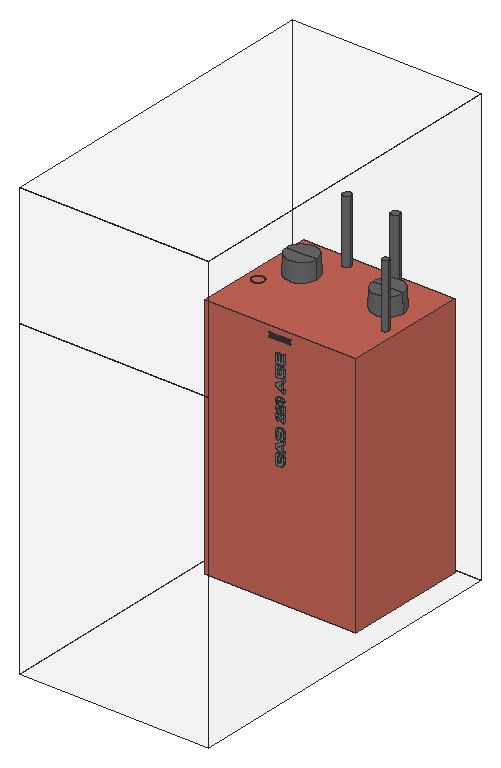
Revit family "Gas Ace 220_160_LOD-3", category Mechanical Equipment, Revit 2015
Parameters (values of type "160")
  Weekly = "0"
  Water Treatment Required = yes
  Water Content = 17.0 L
  Warranty ID = ""
  Voltage = 230 V
  Uniclass2015 = "Pr_60_60_08"
  URL = ""
  Type = "Space heating"
  Turndown Ratio = "4.7"
  Supply Phase = 1
  Starting Current = 0 A
  Sound Pressure Level = "58.7 dBA"
  Shipping Weight = 235.00 kg
  Shape = "Rectangular (Vertical)"
  Safety Valve Connection Type = "Unset"
  Safety Valve Connection Size = 0.00 mm
  Responsible Sourcing of Materials = "N/A"
  Responsible Extraction of Materials = "N/A"
  Reference Standard = "GAD 2009/142/EC BED 92/42/EEC EMC 2014/30/EU LVD 2014/35/EU ErP 2009/125/EC"
  Rated Output = 152100 W
  Rated Criteria = "80/60"
  Quarterly = "0"
  Product Range = "Gas 220 - 160"
  Product Model Number = "Not Available"
  Product Literature = "https://www.remeha.co.uk/-/media/Themes/RemehaUK/Documents/Current/Specification-guides/gas-220-ace-specification-guide.pdf"
  Primary Fuel = "Gas - NG"
  Overall Width = 800.00 mm
  Overall Length = 657.00 mm
  Overall Height = 1662.00 mm
  Optional Fuel = "Gas - LPG"
  Operation and Maintenance Manual = "https://www.remeha.co.uk/en/Products/Floor-Standing-Range/Gas-220-Ace"
  Oil Consumption rate = 0
  Nominal Oil Inlet Pressure = 0.00000 bar
  Nominal Gas Inlet Pressure = 0.02000 bar
  NOx Emissions = "36 mg/kWh"
  Mounting = "Floor Standing"
  Monthly = "0"
  Model = ""
  Minimum Power Consumption = 5.3 W
  Minimum Operating Pressure = 0.80000 bar
  Minimum Oil Inlet Pressure = 0.00000 bar
  Minimum Gas Inlet Pressure = 0.01700 bar
  Minimum Flow Rate at 20C temperature differential = 1.82 L/s
  Minimum Flow Rate at 11C temperature differential = 0.0 L/s
  Maximum Power Consumption = 275 W
  Maximum Operating Pressure = 5.00000 bar
  Maximum Oil Inlet Pressure = 0.00000 bar
  Maximum Gas Inlet Pressure = 0.02500 bar
  Material Ingredient Reporting = "N/A"
  Manufacturer Website = "https://www.remeha.co.uk/"
  Manufacturer = "Remeha Commercial"
  Maintenance Required 8001 to 12000hrs = "0"
  Maintenance Required 601 to 1000hrs = "0"
  Maintenance Required 4001 to 8000hrs = "0"
  Maintenance Required 301 to 600hrs = "0"
  Maintenance Required 2001 to 4000hrs = "0"
  Maintenance Required 1001 to 2000hrs = "0"
  Maintenance Required 0 to 300hrs = "0"
  Location of Manufacturer = "N/A"
  Life Cycle Analysis = "N/A"
  Interlocks = yes
  IfcExportType = "NOTDEFINED"  # constant formula
  IfcExportAs = "IfcBoilerType"  # constant formula
  IP Rating = "IPX1B"
  IK Rating = "0"
  Hydraulic Resistance at 20C temperature differential = 0.19000 bar
  Hydraulic Resistance at 11C temperature differential = 0.00000 bar
  Heater Operation = "Condensing"
  Heat Exchanger Material = "Aluminium"
  Gross Weight = 222.00 kg
  Green Guide for Specification = "N/A"
  Gas Consumption rate = "16.5 m3/h"
  Fuse Rating = 6.3 A
  Full Load Current = 0 A
  Fuel Connection Type = "Threaded"
  Fuel Connection Size = 25.40 mm
  Frequency = 50 Hz
  Flue or Air Intake Classification = "B23p, B33, C33, C43, C53, C63, C83, C89"
  Flue Connection size = 150.00 mm
  Flow and Return Connection Type = "Threaded"
  Flow and Return Connection Size = 31.75 mm
  Finish = "High Polish Gardner 60 GRAD 91EH"
  Features = "Remeha's Gas 220 Ace  is a compact high efficiency floor standing condensing boiler. The compact design make this boiler ideally suited to modular arrangements"
  External Material = "Steel"
  Expected Life = "15"
  ErP Seasonal Efficiency = "0 %"
  ErP Rated Efficiency at Part Load = "97.8 %"
  ErP Rated Efficiency at Full Load = "87.8 %"
  ErP Energy Label = "0"
  Environmental Product Declaration = "N/A"
  Energy Technology List = "0"
  Embodied Carbon = "N/A"
  Drain Connection Type = "Unset"
  Drain Connection Size = 19.05 mm
  Description = ""
  Daily = "0"
  Control Type = "0 - 10V, Open Therm, Volt free enable, Direct boiler weather compensating control systems available from Remeha as optional extra's."
  Configuration = "Single boiler"
  Condensate Drain Type = "Plain"
  Condensate Drain Size = 40.00 mm
  Colour = "RAL 2002 Red RAL7016 Dark Grey"
  Clearance Box Visibility [instance] = yes
  Classification.Uniclass.Pr.Number [instance] = "Pr_60_60_08_34"
  Classification.Uniclass.Pr.Description [instance] = "Gas fired Condensing Boilers"
  CE Mark = "0063CQ3781"
  Burner Control Type = "Modulating"
  Building Regulations Seasonal Efficiency = "95.9 %"
  Bespoke Timeframe = "0"
  BMS Links = yes
  Annually = "0"
  Air Inlet Connection Size = 150.00 mm
  Additional Technical Details = "https://www.remeha.co.uk/-/media/Themes/RemehaUK/Documents/Current/Technical-sheets/gas-220-ace-160-300-kw-technical-sheet.pdf"
  Access Clearance Top = 650.00 mm
  Access Clearance Right = 100.00 mm
  Access Clearance Rear = 50.00 mm
  Access Clearance Left = 100.00 mm
  Access Clearance Front = 1100.00 mm
  Access Clearance Bottom = 0.00 mm
  6 Monthly = "0"
Reference planes
  plane 1 "Center (Front/Back)": y = 0
  plane 2: z = 0
  plane 3 "Center (Left/Right)": x = 0
  plane 4: y = -657
  plane 5: x = -400
  plane 6: x = 400
  plane 7: z = 1329
  plane 8: z = 1662
  plane 9: z = 29
  plane 10: y = -231
  plane 11: y = -383
  plane 12: x = 229
  plane 13: x = -229
  plane 14: y = -306.3
  plane 15: y = -306.3
  plane 16: x = 338
  plane 17: x = 128
  plane 18: x = -128
  plane 19: x = -338
  plane 20: y = -56
  plane 21: z = 1637
  plane 22: z = 1330
  plane 23: z = 1582.574
  plane 24: y = -419.302
  plane 25: x = -246.5
  plane 26: x = 246.5
  plane 27: x = -216.5
  plane 28: x = 216.5
  plane 29: x = -247.5
  plane 30: x = -154
  plane 31: x = 154
  plane 32: x = -309.433
  plane 33: z = 84
  plane 34 "Drain": x = -280
  plane 35: y = 50
Forms (mm)
  Extrusion 1, solid, material "Color RGB 190-040-018"
    sketch origin (0, 0, 0) x (1, 0, 0) y (0, 0, 1)
      loop
        line (-400, 1329) -> (-400, 29) -> (400, 29) -> (400, 1329) -> (-400, 1329)
    from 0 to 657
  Extrusion 2, solid, material "Color RGB 080-080-080"
    sketch origin (101.764, 0, 0) x (1, 0, 0) y (0, 0, 1)
      loop
        arc (-93.982, 684.046) -> (-85.29, 687.232) -> (-80.717, 695.281) r 13.448
        line (-80.717, 695.281) -> (-80.115, 698.888) -> (-80, 702.988) -> (-80, 728.206)
        arc (-80, 728.206) -> (-83.13, 735.762) -> (-90.686, 738.892) r 10.686
        line (-90.686, 738.892) -> (-94.011, 738.892) -> (-104.813, 738.892) -> (-104.813, 709.936) -> (-96.035, 709.936) -> (-96.035, 725.984)
        arc (-96.035, 725.984) -> (-91.935, 724.658) -> (-90.181, 720.722) r 5.292
        line (-90.181, 720.722) -> (-90.181, 703.318)
        arc (-90.181, 703.318) -> (-91.955, 699.033) -> (-96.24, 697.258) r 6.059
        line (-96.24, 697.258) -> (-107.064, 697.258)
        arc (-107.064, 697.258) -> (-111.348, 699.033) -> (-113.123, 703.318) r 6.059
        line (-113.123, 703.318) -> (-113.123, 723.353)
        arc (-113.123, 723.353) -> (-111.339, 725.862) -> (-108.384, 724.999) r 2.655
        line (-108.384, 724.999) -> (-108.384, 738.658) -> (-112.644, 738.658)
        arc (-112.644, 738.658) -> (-120.184, 735.535) -> (-123.308, 727.994) r 10.664
        line (-123.308, 727.994) -> (-123.308, 702.694) -> (-123.034, 696.854)
        arc (-123.034, 696.854) -> (-118.872, 687.729) -> (-109.561, 684) r 13.487
        line (-109.561, 684) -> (-93.982, 684.046)
      loop
        line (-80.468, 742.529) -> (-80.468, 756.952) -> (-87.959, 760.736) -> (-87.959, 786.898) -> (-80.467, 790.911) -> (-80.467, 805.276) -> (-122.84, 782.129) -> (-122.84, 765.321) -> (-80.468, 742.529)
      loop
        line (-97.087, 782.07) -> (-113.006, 773.698) -> (-97.087, 765.559) -> (-97.087, 782.07)
      loop
        line (-94.335, 821.996) -> (-94.335, 809.423)
        arc (-94.335, 809.423) -> (-90.484, 808.619) -> (-86.694, 809.672) r 8.335
        line (-86.694, 809.672) -> (-83.423, 811.497) -> (-81.369, 814.676) -> (-80.304, 819.321) -> (-79.999, 825.545) -> (-79.999, 841.184) -> (-80.285, 849.955)
        arc (-80.285, 849.955) -> (-93.422, 863.092) -> (-106.559, 849.955) r 13.137
        line (-106.559, 849.955) -> (-106.8, 837.459) -> (-106.813, 830.544) -> (-107.046, 825.766)
        arc (-107.046, 825.766) -> (-110.321, 822.155) -> (-113.824, 825.546) r 3.393
        line (-113.824, 825.546) -> (-113.824, 843.718)
        arc (-113.824, 843.718) -> (-112.498, 846.623) -> (-109.435, 847.527) r 3.848
        line (-109.435, 847.527) -> (-109.435, 860.166)
        arc (-109.435, 860.166) -> (-112.188, 860.623) -> (-114.94, 860.166) r 8.532
        line (-114.94, 860.166) -> (-118.403, 858.986) -> (-121.04, 856.31) -> (-122.718, 851.557) -> (-123.307, 844.149) -> (-123.307, 826.126) -> (-122.632, 818.108)
        arc (-122.632, 818.108) -> (-110.144, 808.063) -> (-97.656, 818.108) r 12.785
        line (-97.656, 818.108) -> (-96.97, 830.778) -> (-96.916, 839.051) -> (-96.652, 844.348)
        arc (-96.652, 844.348) -> (-93.065, 847.935) -> (-89.479, 844.348) r 3.587
        line (-89.479, 844.348) -> (-89.479, 827.579)
        arc (-89.479, 827.579) -> (-90.863, 823.879) -> (-94.335, 821.996) r 5.637
      loop
        line (-80.467, 894.562) -> (-80.467, 928.774) -> (-90.101, 928.774) -> (-90.101, 911.338) -> (-95.872, 918.465) -> (-102.827, 925.924)
        arc (-102.827, 925.924) -> (-113.845, 928.876) -> (-121.328, 920.268) r 10.762
        arc (-121.328, 920.268) -> (-121.467, 910.072) -> (-118.715, 900.253) r 35.665
        arc (-118.715, 900.253) -> (-117.686, 898.792) -> (-116.174, 897.837) r 4.57
        line (-116.174, 897.837) -> (-109.842, 895.405) -> (-109.842, 907.63)
        arc (-109.842, 907.63) -> (-114.48, 914.715) -> (-106.118, 916.051) r 5.045
        line (-106.118, 916.051) -> (-90.101, 898.262) -> (-80.467, 894.562)
      loop
        line (-109.842, 936.604) -> (-109.842, 948.83)
        arc (-109.842, 948.83) -> (-114.48, 955.915) -> (-106.118, 957.25) r 5.045
        line (-106.118, 957.25) -> (-90.101, 939.461) -> (-80.467, 935.761) -> (-80.467, 969.974) -> (-90.101, 969.974) -> (-90.101, 952.537) -> (-95.872, 959.664) -> (-102.827, 967.123)
        arc (-102.827, 967.123) -> (-113.845, 970.075) -> (-121.328, 961.467) r 10.762
        arc (-121.328, 961.467) -> (-121.467, 951.271) -> (-118.715, 941.452) r 35.665
        arc (-118.715, 941.452) -> (-117.686, 939.991) -> (-116.174, 939.036) r 4.57
        line (-116.174, 939.036) -> (-109.842, 936.604)
      loop
        spline (-123.206, 991.968) -> (-122.47, 987.662) -> (-120.312, 983.65) -> (-116.879, 980.204) -> (-112.404, 977.56) -> (-107.194, 975.898) -> (-101.602, 975.332) -> (-96.011, 975.898) -> (-90.8, 977.56) -> (-86.326, 980.204) -> (-82.892, 983.65) -> (-80.734, 987.662) -> (-79.998, 991.968)
        spline (-79.998, 991.968) -> (-80.734, 996.274) -> (-82.892, 1000.287) -> (-86.326, 1003.732) -> (-90.8, 1006.376) -> (-96.011, 1008.038) -> (-101.602, 1008.605) -> (-107.194, 1008.038) -> (-112.404, 1006.376) -> (-116.879, 1003.732) -> (-120.312, 1000.287) -> (-122.47, 996.274) -> (-123.206, 991.968)
      loop
        line (-122.84, 1057.204) -> (-80.468, 1034.412) -> (-80.468, 1048.836) -> (-87.959, 1052.619) -> (-87.959, 1078.781) -> (-80.467, 1082.794) -> (-80.467, 1097.159) -> (-122.84, 1074.012) -> (-122.84, 1057.204)
      loop
        line (-97.087, 1073.954) -> (-113.006, 1065.581) -> (-97.087, 1057.442) -> (-97.087, 1073.954)
      loop
        line (-90.88, 1138.913) -> (-90.88, 1121.46)
        arc (-90.88, 1121.46) -> (-92.655, 1117.175) -> (-96.939, 1115.401) r 6.059
        line (-96.939, 1115.401) -> (-106.36, 1115.401)
        arc (-106.36, 1115.401) -> (-110.645, 1117.175) -> (-112.419, 1121.46) r 6.059
        line (-112.419, 1121.46) -> (-112.419, 1138.573)
        arc (-112.419, 1138.573) -> (-110.945, 1142.131) -> (-107.387, 1143.605) r 5.032
        line (-107.387, 1143.605) -> (-107.387, 1156.379) -> (-111.187, 1156.379)
        arc (-111.187, 1156.379) -> (-119.756, 1152.83) -> (-123.306, 1144.261) r 12.118
        line (-123.306, 1144.261) -> (-123.306, 1114.265)
        arc (-123.306, 1114.265) -> (-119.757, 1105.696) -> (-111.187, 1102.146) r 12.118
        line (-111.187, 1102.146) -> (-92.116, 1102.146)
        arc (-92.116, 1102.146) -> (-83.547, 1105.696) -> (-79.998, 1114.265) r 12.118
        line (-79.998, 1114.265) -> (-79.998, 1144.92)
        arc (-79.998, 1144.92) -> (-83.547, 1153.489) -> (-92.116, 1157.038) r 12.118
        line (-92.116, 1157.038) -> (-96.735, 1157.038) -> (-96.735, 1144.26)
        arc (-96.735, 1144.26) -> (-92.629, 1142.878) -> (-90.88, 1138.913) r 5.369
      loop
        line (-80.466, 1168.716) -> (-80.466, 1215.523) -> (-90.646, 1215.523) -> (-90.647, 1181.624) -> (-97.313, 1181.624) -> (-97.313, 1213.022) -> (-106.214, 1213.022) -> (-106.214, 1181.624) -> (-113.004, 1181.624) -> (-113.004, 1214.617) -> (-122.838, 1214.617) -> (-122.838, 1168.716) -> (-80.466, 1168.716)
      loop
        spline (-115.232, 991.968) -> (-114.767, 990.266) -> (-113.406, 988.68) -> (-111.24, 987.318) -> (-108.417, 986.273) -> (-105.13, 985.616) -> (-101.602, 985.392) -> (-98.074, 985.616) -> (-94.787, 986.273) -> (-91.964, 987.318) -> (-89.798, 988.68) -> (-88.437, 990.266) -> (-87.972, 991.968)
        spline (-87.972, 991.968) -> (-88.437, 993.67) -> (-89.798, 995.257) -> (-91.964, 996.619) -> (-94.787, 997.664) -> (-98.074, 998.321) -> (-101.602, 998.545) -> (-105.13, 998.321) -> (-108.417, 997.664) -> (-111.24, 996.619) -> (-113.406, 995.257) -> (-114.767, 993.67) -> (-115.232, 991.968)
    from 657 to 662.984
  Extrusion 3, solid, material "Color RGB 045-045-045"
    sketch origin (0, 0, 0) x (1, 0, 0) y (0, 1, 0)
      loop
        circle (-128, -56) r 21.2
      loop
        circle (128, -56) r 21.2
    from 1329 to 1662
  Extrusion 4, solid, material "Color RGB 045-045-045"
    sketch origin (0, 0, 0) x (1, 0, 0) y (0, 1, 0)
      loop
        circle (338, -383) r 16.9
    from 1329 to 1662
  Revolve 5, solid, material "Color RGB 045-045-045"
    sketch origin (-859.279, -231, 1200) x (-1, 0, 0) y (0, 0, 1)
      loop
        line (-630.279, 224) -> (-709.758, 224) -> (-712.327, 129.328) -> (-630.279, 129.328) -> (-630.279, 224)
      axis (-630.279, 224) -> (-630.279, 129.328)
    angle from 0 to 360
  Extrusion 6, solid, material "Color RGB 045-045-045"
    sketch origin (0, 0, 0) x (1, 0, 0) y (0, 1, 0)
      loop
        circle (-338, -383) r 30.5
      loop
        circle (-338, -383) r 30.15
    from 1329 to 1330
  Revolve 7, solid, material "Color RGB 045-045-045"
    sketch origin (859.279, -231, 1200) x (1, 0, 0) y (0, 0, -1)
      loop
        line (-630.279, -224) -> (-630.279, -128.996) -> (-712.327, -128.996) -> (-709.758, -224) -> (-630.279, -224)
      axis (-630.279, -224) -> (-630.279, -128.996)
    angle from 0 to 360
  Extrusion 8, solid
    sketch origin (0, 0, 0) x (1, 0, 0) y (0, 0, 1)
      loop
        circle (-280, 84) r 10
    from 0 to 7.025
  Extrusion 9, solid, material "Glass - Clear - Amber", visible <- "Clearance Box Visibility"
    sketch origin (0, 0, 0) x (0, 1, 0) y (0, 0, 1)
      loop
        line (50, 2312) -> (-1757, 2312) -> (-1757, 1662) -> (-1757, 0) -> (50, 0) -> (50, 2312)
    from -500 to 500
  Extrusion 10, solid, material "Color RGB 235-235-235"
    sketch origin (-43.745, -9.272, 1275.744) x (1, 0, 0) y (0, -0.000437, 1)
      loop
        line (-15.915, 23.933) -> (-15.915, 21.574) -> (100.023, 21.574) -> (100.023, 23.933) -> (-15.915, 23.933)
      loop
        line (-15.915, 2.368) -> (-15.915, 0) -> (100.023, 0) -> (100.023, 2.368) -> (-15.915, 2.368)
      loop
        line (-7.55, 16.548) -> (-7.55, 7.385) -> (0.456, 7.385) -> (0.456, 16.548) -> (-7.55, 16.548)
      loop
        line (-10.633, 19.602) -> (-10.633, 4.34) -> (3.539, 4.34) -> (3.539, 10.445) -> (6.606, 10.445)
        arc (6.606, 10.445) -> (8.137, 9.954) -> (9.096, 8.664) r 2.632
        line (9.096, 8.664) -> (10.573, 4.34) -> (14.226, 4.331) -> (12.014, 9.646)
        arc (12.014, 9.646) -> (11.484, 10.708) -> (10.812, 11.686) r 8.599
        arc (10.812, 11.686) -> (13.696, 16.127) -> (9.7, 19.602) r 4.036
        line (9.7, 19.602) -> (-10.633, 19.602)
      loop
        line (3.539, 16.548) -> (3.539, 13.489) -> (8.986, 13.489)
        arc (8.986, 13.489) -> (10.516, 15.019) -> (8.986, 16.548) r 1.529
        line (8.986, 16.548) -> (3.539, 16.548)
      loop
        line (24.358, 15.212) -> (24.358, 4.335) -> (27.412, 4.335) -> (27.412, 9.994)
        arc (27.412, 9.994) -> (28.404, 12.196) -> (30.711, 12.913) r 2.94
        line (30.711, 12.913) -> (30.711, 15.47)
        arc (30.711, 15.47) -> (28.818, 15.212) -> (27.282, 14.076) r 3.85
        line (27.282, 14.076) -> (27.282, 15.212) -> (24.358, 15.212)
      loop
        arc (39.556, 11.064) -> (37.154, 12.927) -> (34.752, 11.064) r 2.48
        line (34.752, 11.064) -> (39.556, 11.064)
      loop
        line (34.639, 9.003) -> (42.683, 9.003)
        arc (42.683, 9.003) -> (37.246, 15.375) -> (31.809, 9.003) r 5.506
        arc (31.809, 9.003) -> (36.775, 4.075) -> (42.683, 7.823) r 5.609
        line (42.683, 7.823) -> (39.475, 7.823)
        arc (39.475, 7.823) -> (36.614, 6.602) -> (34.639, 9.003) r 2.594
      loop
        line (44.304, 4.337) -> (47.307, 4.337) -> (47.307, 10.965)
        arc (47.307, 10.965) -> (49.045, 12.703) -> (50.783, 10.965) r 1.738
        line (50.783, 10.965) -> (50.783, 4.324) -> (53.824, 4.324) -> (53.824, 10.85)
        arc (53.824, 10.85) -> (55.606, 12.632) -> (57.388, 10.85) r 1.782
        line (57.388, 10.85) -> (57.388, 4.324) -> (60.429, 4.324) -> (60.429, 11.851)
        arc (60.429, 11.851) -> (57.692, 15.455) -> (53.486, 13.787) r 3.741
        arc (53.486, 13.787) -> (50.43, 15.415) -> (47.177, 14.228) r 4.249
        line (47.177, 14.228) -> (47.177, 15.214) -> (44.304, 15.214) -> (44.304, 4.337)
      loop
        arc (69.683, 11.064) -> (67.281, 12.927) -> (64.88, 11.064) r 2.48
        line (64.88, 11.064) -> (69.683, 11.064)
      loop
        line (64.766, 9.003) -> (72.81, 9.003)
        arc (72.81, 9.003) -> (67.373, 15.375) -> (61.936, 9.003) r 5.506
        arc (61.936, 9.003) -> (66.902, 4.075) -> (72.81, 7.823) r 5.609
        line (72.81, 7.823) -> (69.602, 7.823)
        arc (69.602, 7.823) -> (66.742, 6.602) -> (64.766, 9.003) r 2.594
      loop
        line (74.422, 4.337) -> (77.462, 4.337) -> (77.462, 10.464)
        arc (77.462, 10.464) -> (79.208, 12.386) -> (81.287, 10.832) r 1.93
        line (81.287, 10.832) -> (81.287, 4.337) -> (84.328, 4.337) -> (84.328, 11.653)
        arc (84.328, 11.653) -> (81.802, 15.331) -> (77.462, 14.296) r 3.942
        line (77.462, 14.296) -> (77.462, 19.383) -> (74.422, 19.383) -> (74.422, 4.337)
      loop
        arc (95.784, 12.354) -> (95.16, 13.909) -> (93.822, 14.918) r 3.124
        arc (93.822, 14.918) -> (92.796, 15.2) -> (91.745, 15.359) r 9.034
        arc (91.745, 15.359) -> (90.692, 15.424) -> (89.639, 15.359) r 8.608
        arc (89.639, 15.359) -> (88.55, 15.088) -> (87.559, 14.561) r 4.613
        arc (87.559, 14.561) -> (87.064, 14.061) -> (86.663, 13.482) r 4.017
        arc (86.663, 13.482) -> (86.273, 12.61) -> (86.012, 11.691) r 6.705
        line (86.012, 11.691) -> (88.975, 11.7)
        arc (88.975, 11.7) -> (89.323, 12.453) -> (90.004, 12.927) r 1.58
        arc (90.004, 12.927) -> (90.999, 13.122) -> (92.008, 13.022) r 3.46
        arc (92.008, 13.022) -> (92.743, 12.024) -> (91.907, 11.11) r 0.975
        line (91.907, 11.11) -> (89.009, 10.699)
        arc (89.009, 10.699) -> (86.71, 9.449) -> (85.792, 6.999) r 3.742
        arc (85.792, 6.999) -> (86.094, 5.779) -> (86.932, 4.842) r 2.605
        arc (86.932, 4.842) -> (89.985, 4.17) -> (92.914, 5.26) r 5.532
        line (92.914, 5.26) -> (93.178, 4.346) -> (96.197, 4.346) -> (95.784, 6.47) -> (95.784, 12.354)
      loop
        line (92.845, 9.629) -> (89.315, 8.609)
        arc (89.315, 8.609) -> (88.866, 7.99) -> (88.785, 7.229) r 1.489
        arc (88.785, 7.229) -> (89.225, 6.447) -> (90.072, 6.149) r 1.274
        arc (90.072, 6.149) -> (90.865, 6.342) -> (91.638, 6.602) r 9.564
        arc (91.638, 6.602) -> (92.433, 7.212) -> (92.768, 8.157) r 1.764
        line (92.768, 8.157) -> (92.845, 9.629)
    from 644.727 to 648.528
Dimensions and locks
  equal spacing: plane 5, plane 3 "Center (Left/Right)", plane 6
  plane 4 to plane 1 "Center (Front/Back)" = 657.00 mm
  plane 5 to plane 6 = 800.00 mm
  plane 8 to level = 1662.00 mm  (x2)
  plane 9 to level = 29.00 mm
  locked: plane 10 to plane 1 "Center (Front/Back)" at 231
  locked: plane 11 to plane 1 "Center (Front/Back)" at 383
  locked: plane 12 to plane 6 at 171
  plane 13 to plane 12 = 458.00 mm
  plane 10 to plane 14 = 75.30 mm
  plane 10 to plane 15 = 75.30 mm
  locked: plane 6 to plane 16 at 62
  locked: plane 6 to plane 17 at 272
  locked: plane 6 to plane 18 at 528
  locked: plane 6 to plane 19 at 738
  plane 16 to plane 6 = 62.00 mm
  plane 17 to plane 6 = 272.00 mm
  plane 18 to plane 6 = 528.00 mm
  plane 19 to plane 6 = 738.00 mm
  locked: plane 20 to plane 1 "Center (Front/Back)" at 56
  locked: plane 8 to plane 21 at 25
  locked: plane 22 to plane 7 at 1
  plane 8 to plane 22 = 332.00 mm
  locked: plane 27 to plane 25 at 30
  locked: plane 26 to plane 28 at 30
  plane 30 to plane 13 = 75.00 mm
  locked: Revolve 5 sketch curve to plane 30 at 4.479
  locked: Revolve 7 sketch curve to plane 31 at 4.479
  plane 12 to plane 31 = 75.00 mm
  plane 5 to plane 34 "Drain" = 120.00 mm
  radius of Extrusion 3 sketch curve = 21.20 mm  (x2)
  radius of Extrusion 4 sketch curve = 16.90 mm
  radius of Extrusion 8 sketch curve = 10.00 mm
  aligned and locked: level to plane 2
  aligned and locked: Extrusion 1 sketch curve to plane 7
  aligned and locked: plane 5 to Extrusion 1 sketch curve
  aligned and locked: Extrusion 1 sketch curve to plane 6
  aligned and locked: plane 9 to Extrusion 1 sketch curve
  aligned and locked: plane 8 to Extrusion 3
  aligned and locked: plane 16 to Extrusion 4 sketch curve
  aligned and locked: plane 11 to Extrusion 4 sketch curve
  aligned and locked: plane 8 to Extrusion 4
  aligned and locked: Extrusion 6 to plane 22
  aligned and locked: Extrusion 6 to plane 7
Automatic sketch dimensions
  plane 18 to Extrusion 2 sketch curve = 106.456 mm  (x3)
  plane 18 to Extrusion 2 sketch curve = 106.458 mm  (x2)
  plane 18 to Extrusion 2 sketch curve = 106.73 mm
  plane 18 to Extrusion 2 sketch curve = 106.924 mm  (x2)
  plane 18 to Extrusion 2 sketch curve = 106.925 mm  (x2)
  plane 18 to Extrusion 2 sketch curve = 107.045 mm
  plane 18 to Extrusion 2 sketch curve = 107.132 mm
  Extrusion 2 sketch curve to Extrusion 2 sketch curve = 1.679 mm
  Extrusion 2 sketch curve to Extrusion 2 sketch curve = 2.637 mm
  plane 18 to Extrusion 2 sketch curve = 113.589 mm  (x2)
  Extrusion 2 sketch curve to Extrusion 2 sketch curve = 3.463 mm
  Extrusion 2 sketch curve to Extrusion 2 sketch curve = 1.638 mm  (x2)
  Extrusion 2 sketch curve to Extrusion 2 sketch curve = 9.483 mm
  Extrusion 2 sketch curve to Extrusion 2 sketch curve = 10.185 mm  (x2)
  Extrusion 2 sketch curve to Extrusion 2 sketch curve = 9.834 mm  (x2)
  plane 18 to Extrusion 2 sketch curve = 116.759 mm
  Extrusion 2 sketch curve to Extrusion 2 sketch curve = 0.479 mm
  Extrusion 2 sketch curve to Extrusion 2 sketch curve = 0.00 mm  (x30)
  Extrusion 2 sketch curve to Extrusion 2 sketch curve = 10.887 mm
  Extrusion 2 sketch curve to Extrusion 2 sketch curve = 10.886 mm
  Extrusion 2 sketch curve to Extrusion 2 sketch curve = 2.753 mm
  plane 18 to Extrusion 2 sketch curve = 118.576 mm
  Extrusion 2 sketch curve to Extrusion 2 sketch curve = 1.232 mm  (x2)
  Extrusion 2 sketch curve to Extrusion 2 sketch curve = 3.838 mm  (x2)
  Extrusion 2 sketch curve to Extrusion 2 sketch curve = 2.655 mm
  Extrusion 2 sketch curve to Extrusion 2 sketch curve = 3.393 mm
  Extrusion 2 sketch curve to Extrusion 2 sketch curve = 0.288 mm
  Extrusion 2 sketch curve to Extrusion 2 sketch curve = 3.848 mm
  Extrusion 2 sketch curve to Extrusion 2 sketch curve = 0.831 mm  (x2)
  Extrusion 2 sketch curve to Extrusion 2 sketch curve = 0.025 mm
  Extrusion 2 sketch curve to Extrusion 2 sketch curve = 6.332 mm
  plane 18 to Extrusion 2 sketch curve = 120.202 mm
  Extrusion 2 sketch curve to Extrusion 2 sketch curve = 3.562 mm
  Extrusion 2 sketch curve to Extrusion 2 sketch curve = 5.505 mm
  Extrusion 2 sketch curve to Extrusion 2 sketch curve = 2.084 mm
  Extrusion 2 sketch curve to Extrusion 2 sketch curve = 4.26 mm
  Extrusion 2 sketch curve to Extrusion 2 sketch curve = 5.032 mm
  Extrusion 2 sketch curve to Extrusion 2 sketch curve = 3.80 mm  (x2)
  Extrusion 2 sketch curve to Extrusion 2 sketch curve = 2.497 mm
  Extrusion 2 sketch curve to Extrusion 2 sketch curve = 6.059 mm  (x4)
  Extrusion 2 sketch curve to Extrusion 2 sketch curve = 3.385 mm
  Extrusion 2 sketch curve to Extrusion 2 sketch curve = 0.233 mm
  Extrusion 2 sketch curve to Extrusion 2 sketch curve = 0.013 mm
  Extrusion 2 sketch curve to Extrusion 2 sketch curve = 2.876 mm
  Extrusion 2 sketch curve to Extrusion 2 sketch curve = 4.827 mm  (x3)
  Extrusion 2 sketch curve to Extrusion 2 sketch curve = 6.79 mm
  Extrusion 2 sketch curve to Extrusion 2 sketch curve = 3.749 mm  (x2)
  Extrusion 2 sketch curve to Extrusion 2 sketch curve = 2.251 mm
  Extrusion 2 sketch curve to Extrusion 2 sketch curve = 3.571 mm
  Extrusion 2 sketch curve to Extrusion 2 sketch curve = 3.291 mm  (x2)
  Extrusion 2 sketch curve to Extrusion 2 sketch curve = 9.39 mm
  Extrusion 2 sketch curve to Extrusion 2 sketch curve = 8.901 mm
  Extrusion 2 sketch curve to Extrusion 2 sketch curve = 15.918 mm  (x2)
  Extrusion 2 sketch curve to Extrusion 2 sketch curve = 9.843 mm
  Extrusion 2 sketch curve to Extrusion 2 sketch curve = 9.421 mm
  Extrusion 2 sketch curve to Extrusion 2 sketch curve = 0.054 mm
  Extrusion 2 sketch curve to Extrusion 2 sketch curve = 10.652 mm  (x2)
  Extrusion 2 sketch curve to Extrusion 2 sketch curve = 0.265 mm
  Extrusion 2 sketch curve to Extrusion 2 sketch curve = 0.486 mm
  Extrusion 2 sketch curve to Extrusion 2 sketch curve = 10.824 mm
  Extrusion 2 sketch curve to Extrusion 2 sketch curve = 0.205 mm
  Extrusion 2 sketch curve to Extrusion 2 sketch curve = 6.955 mm  (x2)
  Extrusion 2 sketch curve to Extrusion 2 sketch curve = 0.563 mm
  Extrusion 2 sketch curve to Extrusion 2 sketch curve = 1.854 mm
  Extrusion 2 sketch curve to Extrusion 2 sketch curve = 3.321 mm  (x2)
  Extrusion 2 sketch curve to Extrusion 2 sketch curve = 10.802 mm
  Extrusion 2 sketch curve to Extrusion 2 sketch curve = 2.258 mm  (x2)
  Extrusion 2 sketch curve to Extrusion 2 sketch curve = 3.229 mm
  Extrusion 2 sketch curve to Extrusion 2 sketch curve = 3.587 mm
  Extrusion 2 sketch curve to Extrusion 2 sketch curve = 4.823 mm  (x4)
  Extrusion 2 sketch curve to Extrusion 2 sketch curve = 4.618 mm  (x2)
  Extrusion 2 sketch curve to Extrusion 2 sketch curve = 5.369 mm
  Extrusion 2 sketch curve to Extrusion 2 sketch curve = 3.579 mm
  Extrusion 2 sketch curve to Extrusion 2 sketch curve = 5.349 mm
  Extrusion 2 sketch curve to Extrusion 2 sketch curve = 3.325 mm
  Extrusion 2 sketch curve to Extrusion 2 sketch curve = 6.667 mm
  Extrusion 2 sketch curve to Extrusion 2 sketch curve = 5.292 mm
  Extrusion 2 sketch curve to Extrusion 2 sketch curve = 5.771 mm  (x2)
  Extrusion 2 sketch curve to Extrusion 2 sketch curve = 5.637 mm
  Extrusion 2 sketch curve to Extrusion 2 sketch curve = 9.128 mm  (x2)
  Extrusion 2 sketch curve to Extrusion 2 sketch curve = 7.642 mm
  Extrusion 2 sketch curve to Extrusion 2 sketch curve = 3.998 mm  (x2)
  Extrusion 2 sketch curve to Extrusion 2 sketch curve = 3.27 mm
  Extrusion 2 sketch curve to Extrusion 2 sketch curve = 2.054 mm
  Extrusion 2 sketch curve to Extrusion 2 sketch curve = 9.464 mm
  Extrusion 2 sketch curve to Extrusion 2 sketch curve = 10.218 mm
  Extrusion 2 sketch curve to Extrusion 2 sketch curve = 7.491 mm
  Extrusion 2 sketch curve to Extrusion 2 sketch curve = 7.492 mm  (x2)
  Extrusion 2 sketch curve to Extrusion 2 sketch curve = 9.634 mm
  Extrusion 2 sketch curve to Extrusion 2 sketch curve = 10.181 mm
  Extrusion 2 sketch curve to Extrusion 2 sketch curve = 1.065 mm
  Extrusion 2 sketch curve to Extrusion 2 sketch curve = 0.602 mm
  Extrusion 2 sketch curve to Extrusion 2 sketch curve = 0.115 mm
  Extrusion 2 sketch curve to Extrusion 2 sketch curve = 0.286 mm
  Extrusion 2 sketch curve to Extrusion 2 sketch curve = 12.118 mm
  Extrusion 2 sketch curve to plane 7 = 113.477 mm
  Extrusion 2 sketch curve to Extrusion 2 sketch curve = 0.906 mm
  Extrusion 2 sketch curve to Extrusion 2 sketch curve = 1.595 mm
  Extrusion 2 sketch curve to Extrusion 2 sketch curve = 31.398 mm
  Extrusion 2 sketch curve to Extrusion 2 sketch curve = 12.908 mm
  Extrusion 2 sketch curve to Extrusion 2 sketch curve = 11.678 mm
  Extrusion 2 sketch curve to Extrusion 2 sketch curve = 0.659 mm  (x2)
  Extrusion 2 sketch curve to Extrusion 2 sketch curve = 0.656 mm
  Extrusion 2 sketch curve to Extrusion 2 sketch curve = 17.113 mm
  Extrusion 2 sketch curve to Extrusion 2 sketch curve = 7.195 mm  (x2)
  Extrusion 2 sketch curve to Extrusion 2 sketch curve = 1.136 mm
  Extrusion 2 sketch curve to Extrusion 2 sketch curve = 4.987 mm
  Extrusion 2 sketch curve to Extrusion 2 sketch curve = 14.365 mm  (x2)
  Extrusion 2 sketch curve to Extrusion 2 sketch curve = 4.013 mm  (x2)
  Extrusion 2 sketch curve to Extrusion 2 sketch curve = 28.134 mm
  Extrusion 2 sketch curve to Extrusion 2 sketch curve = 8.431 mm  (x2)
  Extrusion 2 sketch curve to Extrusion 2 sketch curve = 16.511 mm  (x2)
  Extrusion 2 sketch curve to Extrusion 2 sketch curve = 8.377 mm  (x2)
  Extrusion 2 sketch curve to Extrusion 2 sketch curve = 3.783 mm  (x2)
  Extrusion 2 sketch curve to Extrusion 2 sketch curve = 14.423 mm  (x2)
  Extrusion 2 sketch curve to Extrusion 2 sketch curve = 64.439 mm
  Extrusion 2 sketch curve to Extrusion 2 sketch curve = 2.851 mm
  Extrusion 2 sketch curve to Extrusion 2 sketch curve = 7.34 mm  (x2)
  Extrusion 2 sketch curve to Extrusion 2 sketch curve = 7.459 mm  (x2)
  Extrusion 2 sketch curve to Extrusion 2 sketch curve = 2.533 mm  (x2)
  Extrusion 2 sketch curve to Extrusion 2 sketch curve = 3.777 mm  (x2)
  Extrusion 2 sketch curve to Extrusion 2 sketch curve = 3.376 mm  (x2)
  Extrusion 2 sketch curve to Extrusion 2 sketch curve = 3.35 mm  (x2)
  Extrusion 2 sketch curve to Extrusion 2 sketch curve = 5.527 mm  (x2)
  Extrusion 2 sketch curve to Extrusion 2 sketch curve = 13.077 mm  (x2)
  Extrusion 2 sketch curve to Extrusion 2 sketch curve = 4.266 mm  (x2)
  Extrusion 2 sketch curve to Extrusion 2 sketch curve = 2.432 mm  (x2)
  Extrusion 2 sketch curve to Extrusion 2 sketch curve = 3.70 mm  (x2)
  Extrusion 2 sketch curve to Extrusion 2 sketch curve = 10.686 mm
  Extrusion 2 sketch curve to Extrusion 2 sketch curve = 10.68 mm
  Extrusion 2 sketch curve to Extrusion 2 sketch curve = 35.239 mm
  Extrusion 2 sketch curve to Extrusion 2 sketch curve = 1.18 mm
  Extrusion 2 sketch curve to Extrusion 2 sketch curve = 2.676 mm
  Extrusion 2 sketch curve to Extrusion 2 sketch curve = 8.075 mm
  Extrusion 2 sketch curve to Extrusion 2 sketch curve = 4.752 mm
  Extrusion 2 sketch curve to Extrusion 2 sketch curve = 2.136 mm
  Extrusion 2 sketch curve to Extrusion 2 sketch curve = 2.427 mm
  Extrusion 2 sketch curve to Extrusion 2 sketch curve = 5.606 mm
  Extrusion 2 sketch curve to Extrusion 2 sketch curve = 7.408 mm
  Extrusion 2 sketch curve to Extrusion 2 sketch curve = 8.771 mm
  Extrusion 2 sketch curve to Extrusion 2 sketch curve = 5.297 mm
  Extrusion 2 sketch curve to Extrusion 2 sketch curve = 6.258 mm
  Extrusion 2 sketch curve to Extrusion 2 sketch curve = 8.273 mm
  Extrusion 2 sketch curve to Extrusion 2 sketch curve = 6.915 mm
  Extrusion 2 sketch curve to Extrusion 2 sketch curve = 3.199 mm
  Extrusion 2 sketch curve to Extrusion 2 sketch curve = 4.418 mm
  Extrusion 2 sketch curve to Extrusion 2 sketch curve = 4.778 mm
  Extrusion 2 sketch curve to Extrusion 2 sketch curve = 2.034 mm
  Extrusion 2 sketch curve to Extrusion 2 sketch curve = 4.697 mm
  Extrusion 2 sketch curve to Extrusion 2 sketch curve = 6.224 mm
  Extrusion 2 sketch curve to Extrusion 2 sketch curve = 8.018 mm
  Extrusion 2 sketch curve to Extrusion 2 sketch curve = 5.046 mm
  Extrusion 2 sketch curve to Extrusion 2 sketch curve = 4.645 mm
  Extrusion 2 sketch curve to Extrusion 2 sketch curve = 3.179 mm
  Extrusion 2 sketch curve to Extrusion 2 sketch curve = 1.825 mm
  Extrusion 2 sketch curve to Extrusion 2 sketch curve = 6.221 mm
  Extrusion 2 sketch curve to Extrusion 2 sketch curve = 4.769 mm
  Extrusion 2 sketch curve to Extrusion 2 sketch curve = 3.637 mm
  Extrusion 2 sketch curve to Extrusion 2 sketch curve = 0.234 mm
  Extrusion 2 sketch curve to Extrusion 2 sketch curve = 2.222 mm
  Extrusion 2 sketch curve to Extrusion 2 sketch curve = 2.995 mm
  Extrusion 2 sketch curve to Extrusion 2 sketch curve = 10.786 mm
  Extrusion 2 sketch curve to Extrusion 2 sketch curve = 6.619 mm  (x2)
  Extrusion 2 sketch curve to Extrusion 2 sketch curve = 0.33 mm
  Extrusion 2 sketch curve to Extrusion 2 sketch curve = 0.623 mm
  Extrusion 2 sketch curve to Extrusion 2 sketch curve = 4.10 mm
  Extrusion 2 sketch curve to Extrusion 2 sketch curve = 0.236 mm
  Extrusion 2 sketch curve to Extrusion 2 sketch curve = 0.229 mm
  Extrusion 2 sketch curve to Extrusion 2 sketch curve = 5.84 mm
  Extrusion 2 sketch curve to Extrusion 2 sketch curve = 3.608 mm
  plane 18 to Extrusion 2 sketch curve = 106.557 mm
  Extrusion 2 sketch curve to Extrusion 2 sketch curve = 7.974 mm
  Extrusion 2 sketch curve to Extrusion 2 sketch curve = 13.63 mm
  Extrusion 2 sketch curve to Extrusion 2 sketch curve = 24.845 mm
  Extrusion 2 sketch curve to Extrusion 2 sketch curve = 0.046 mm
  Extrusion 8 sketch curve to plane 33 = 0.00 mm
  Extrusion 8 sketch curve to plane 34 "Drain" = 0.00 mm
  Extrusion 6 sketch curve to Extrusion 6 sketch curve = 0.00 mm  (x2)
  Extrusion 6 sketch curve to plane 11 = 0.00 mm
  Extrusion 6 sketch curve to plane 19 = 0.00 mm
  Extrusion 3 sketch curve to plane 18 = 0.00 mm
  Extrusion 3 sketch curve to plane 17 = 0.00 mm
  Extrusion 3 sketch curve to plane 20 = 0.00 mm  (x2)
  Extrusion 9 sketch curve to plane 8 = 0.00 mm
  Extrusion 9 sketch curve to level = 0.00 mm
  Extrusion 9 sketch curve to plane 4 = 1100.00 mm
  Extrusion 9 sketch curve to plane 35 = 0.00 mm
  plane 8 to Extrusion 9 sketch curve = 650.00 mm
  Revolve 7 sketch curve to plane 12 = 0.00 mm  (x2)
  plane 22 to Revolve 7 sketch curve = 94.00 mm
  Revolve 7 sketch curve to plane 7 = 0.004 mm
  plane 8 to Revolve 7 sketch curve = 776.40 mm
  Revolve 7 sketch curve to level = 304.80 mm
  plane 31 to Revolve 7 sketch curve = 7.048 mm
  Revolve 5 sketch curve to plane 13 = 0.00 mm  (x2)
  plane 7 to Revolve 5 sketch curve = 0.328 mm
  Revolve 5 sketch curve to level = 304.80 mm
  plane 8 to Revolve 5 sketch curve = 776.40 mm
  plane 30 to Revolve 5 sketch curve = 7.048 mm
  plane 22 to Revolve 5 sketch curve = 94.00 mm
  Extrusion 10 sketch curve to plane 3 "Center (Left/Right)" = 59.66 mm
  Extrusion 10 sketch curve to Extrusion 10 sketch curve = 0.00 mm  (x10)
  Extrusion 10 sketch curve to Extrusion 10 sketch curve = 5.282 mm
  Extrusion 10 sketch curve to Extrusion 10 sketch curve = 3.083 mm  (x2)
  Extrusion 10 sketch curve to Extrusion 10 sketch curve = 8.006 mm
  Extrusion 10 sketch curve to Extrusion 10 sketch curve = 0.536 mm
  Extrusion 10 sketch curve to Extrusion 10 sketch curve = 2.531 mm
  Extrusion 10 sketch curve to Extrusion 10 sketch curve = 5.448 mm
  Extrusion 10 sketch curve to Extrusion 10 sketch curve = 2.49 mm
  Extrusion 10 sketch curve to Extrusion 10 sketch curve = 0.713 mm
  Extrusion 10 sketch curve to Extrusion 10 sketch curve = 1.477 mm
  Extrusion 10 sketch curve to Extrusion 10 sketch curve = 2.918 mm
  Extrusion 10 sketch curve to Extrusion 10 sketch curve = 3.653 mm
  Extrusion 10 sketch curve to Extrusion 10 sketch curve = 12.345 mm
  Extrusion 10 sketch curve to Extrusion 10 sketch curve = 2.924 mm
  Extrusion 10 sketch curve to Extrusion 10 sketch curve = 3.054 mm  (x2)
  Extrusion 10 sketch curve to Extrusion 10 sketch curve = 2.856 mm
  Extrusion 10 sketch curve to Extrusion 10 sketch curve = 0.085 mm
  Extrusion 10 sketch curve to Extrusion 10 sketch curve = 3.429 mm
  Extrusion 10 sketch curve to Extrusion 10 sketch curve = 4.286 mm
  Extrusion 10 sketch curve to Extrusion 10 sketch curve = 0.113 mm  (x2)
  Extrusion 10 sketch curve to Extrusion 10 sketch curve = 2.402 mm  (x2)
  Extrusion 10 sketch curve to Extrusion 10 sketch curve = 0.076 mm  (x2)
  Extrusion 10 sketch curve to Extrusion 10 sketch curve = 0.092 mm  (x2)
  Extrusion 10 sketch curve to Extrusion 10 sketch curve = 0.134 mm  (x2)
  Extrusion 10 sketch curve to Extrusion 10 sketch curve = 2.245 mm  (x2)
  Extrusion 10 sketch curve to plane 3 "Center (Left/Right)" = 1.062 mm  (x2)
  plane 3 "Center (Left/Right)" to Extrusion 10 sketch curve = 0.558 mm
  Extrusion 10 sketch curve to Extrusion 10 sketch curve = 2.873 mm
  Extrusion 10 sketch curve to Extrusion 10 sketch curve = 0.13 mm
  Extrusion 10 sketch curve to Extrusion 10 sketch curve = 1.738 mm
  Extrusion 10 sketch curve to Extrusion 10 sketch curve = 0.65 mm
  Extrusion 10 sketch curve to Extrusion 10 sketch curve = 3.04 mm  (x5)
  Extrusion 10 sketch curve to Extrusion 10 sketch curve = 1.782 mm
  Extrusion 10 sketch curve to Extrusion 10 sketch curve = 0.701 mm
  Extrusion 10 sketch curve to Extrusion 10 sketch curve = 4.337 mm
  Extrusion 10 sketch curve to Extrusion 10 sketch curve = 3.208 mm
  Extrusion 10 sketch curve to Extrusion 10 sketch curve = 4.739 mm
  Extrusion 10 sketch curve to Extrusion 10 sketch curve = 1.93 mm
  Extrusion 10 sketch curve to Extrusion 10 sketch curve = 0.994 mm
  Extrusion 10 sketch curve to Extrusion 10 sketch curve = 0.901 mm
  Extrusion 10 sketch curve to Extrusion 10 sketch curve = 1.684 mm
  Extrusion 10 sketch curve to Extrusion 10 sketch curve = 2.199 mm
  Extrusion 10 sketch curve to Extrusion 10 sketch curve = 4.069 mm
  Extrusion 10 sketch curve to Extrusion 10 sketch curve = 2.964 mm
  Extrusion 10 sketch curve to Extrusion 10 sketch curve = 0.033 mm  (x2)
  Extrusion 10 sketch curve to Extrusion 10 sketch curve = 0.918 mm
  Extrusion 10 sketch curve to Extrusion 10 sketch curve = 1.137 mm
  Extrusion 10 sketch curve to Extrusion 10 sketch curve = 0.284 mm
  Extrusion 10 sketch curve to Extrusion 10 sketch curve = 0.51 mm
  Extrusion 10 sketch curve to Extrusion 10 sketch curve = 1.179 mm
  Extrusion 10 sketch curve to Extrusion 10 sketch curve = 0.049 mm
  Extrusion 10 sketch curve to Extrusion 10 sketch curve = 0.212 mm  (x2)
  Extrusion 10 sketch curve to Extrusion 10 sketch curve = 0.379 mm
  Extrusion 10 sketch curve to Extrusion 10 sketch curve = 0.436 mm
  Extrusion 10 sketch curve to Extrusion 10 sketch curve = 0.226 mm
  Extrusion 10 sketch curve to Extrusion 10 sketch curve = 0.749 mm
  Extrusion 10 sketch curve to Extrusion 10 sketch curve = 0.157 mm
  Extrusion 10 sketch curve to Extrusion 10 sketch curve = 1.236 mm
  Extrusion 10 sketch curve to Extrusion 10 sketch curve = 0.137 mm
  Extrusion 10 sketch curve to Extrusion 10 sketch curve = 0.668 mm
  Extrusion 10 sketch curve to Extrusion 10 sketch curve = 0.909 mm
  Extrusion 10 sketch curve to Extrusion 10 sketch curve = 1.762 mm
  Extrusion 10 sketch curve to Extrusion 10 sketch curve = 0.271 mm
  Extrusion 10 sketch curve to Extrusion 10 sketch curve = 1.996 mm
  Extrusion 10 sketch curve to Extrusion 10 sketch curve = 0.264 mm
  Extrusion 10 sketch curve to Extrusion 10 sketch curve = 3.106 mm
  Extrusion 10 sketch curve to Extrusion 10 sketch curve = 0.412 mm
  Extrusion 10 sketch curve to Extrusion 10 sketch curve = 4.239 mm
  Extrusion 10 sketch curve to Extrusion 10 sketch curve = 3.826 mm
  Extrusion 10 sketch curve to Extrusion 10 sketch curve = 2.368 mm
  Extrusion 10 sketch curve to Extrusion 10 sketch curve = 1.956 mm
  Extrusion 10 sketch curve to Extrusion 10 sketch curve = 1.963 mm
  Extrusion 10 sketch curve to Extrusion 10 sketch curve = 0.004 mm
  Extrusion 10 sketch curve to Extrusion 10 sketch curve = 1.968 mm
  Extrusion 10 sketch curve to Extrusion 10 sketch curve = 0.013 mm
  Extrusion 10 sketch curve to Extrusion 10 sketch curve = 1.972 mm  (x2)
  Extrusion 10 sketch curve to Extrusion 10 sketch curve = 0.009 mm
  Extrusion 10 sketch curve to Extrusion 10 sketch curve = 1.977 mm
  Extrusion 10 sketch curve to Extrusion 10 sketch curve = 0.914 mm
  Extrusion 10 sketch curve to Extrusion 10 sketch curve = 2.002 mm
  Extrusion 10 sketch curve to Extrusion 10 sketch curve = 1.103 mm
  Extrusion 10 sketch curve to Extrusion 10 sketch curve = 2.125 mm
  Extrusion 10 sketch curve to Extrusion 10 sketch curve = 0.452 mm
  Extrusion 10 sketch curve to Extrusion 10 sketch curve = 0.179 mm
  Extrusion 10 sketch curve to Extrusion 10 sketch curve = 0.001 mm
  Extrusion 10 sketch curve to Extrusion 10 sketch curve = 1.043 mm
  Extrusion 10 sketch curve to Extrusion 10 sketch curve = 0.429 mm
  Extrusion 10 sketch curve to Extrusion 10 sketch curve = 1.471 mm
  Extrusion 10 sketch curve to Extrusion 10 sketch curve = 3.486 mm  (x2)
  Extrusion 10 sketch curve to Extrusion 10 sketch curve = 1.341 mm
  Extrusion 10 sketch curve to Extrusion 10 sketch curve = 0.793 mm
  Extrusion 10 sketch curve to Extrusion 10 sketch curve = 1.186 mm
  Extrusion 10 sketch curve to Extrusion 10 sketch curve = 0.851 mm
  Extrusion 10 sketch curve to Extrusion 10 sketch curve = 1.181 mm  (x2)
  Extrusion 10 sketch curve to Extrusion 10 sketch curve = 1.473 mm
  Extrusion 10 sketch curve to Extrusion 10 sketch curve = 0.982 mm
  Extrusion 10 sketch curve to Extrusion 10 sketch curve = 0.53 mm  (x2)
  Extrusion 10 sketch curve to Extrusion 10 sketch curve = 1.417 mm
  Extrusion 10 sketch curve to Extrusion 10 sketch curve = 1.08 mm
  Extrusion 10 sketch curve to Extrusion 10 sketch curve = 0.219 mm  (x2)
  Extrusion 10 sketch curve to Extrusion 10 sketch curve = 0.991 mm
  Extrusion 10 sketch curve to Extrusion 10 sketch curve = 0.687 mm
  Extrusion 10 sketch curve to Extrusion 10 sketch curve = 0.578 mm  (x2)
  Extrusion 10 sketch curve to Extrusion 10 sketch curve = 6.128 mm
  Extrusion 10 sketch curve to Extrusion 10 sketch curve = 1.01 mm
  Extrusion 10 sketch curve to Extrusion 10 sketch curve = 0.082 mm
  Extrusion 10 sketch curve to Extrusion 10 sketch curve = 1.846 mm
  Extrusion 10 sketch curve to Extrusion 10 sketch curve = 0.115 mm
  Extrusion 10 sketch curve to Extrusion 10 sketch curve = 2.061 mm
  Extrusion 10 sketch curve to Extrusion 10 sketch curve = 0.617 mm
  Extrusion 10 sketch curve to Extrusion 10 sketch curve = 0.794 mm
  Extrusion 10 sketch curve to Extrusion 10 sketch curve = 0.657 mm
  Extrusion 10 sketch curve to Extrusion 10 sketch curve = 0.058 mm
  Extrusion 10 sketch curve to Extrusion 10 sketch curve = 1.267 mm
  Extrusion 10 sketch curve to Extrusion 10 sketch curve = 0.821 mm
  Extrusion 10 sketch curve to Extrusion 10 sketch curve = 0.038 mm
  Extrusion 10 sketch curve to Extrusion 10 sketch curve = 1.001 mm  (x2)
  Extrusion 10 sketch curve to Extrusion 10 sketch curve = 0.90 mm
  Extrusion 10 sketch curve to Extrusion 10 sketch curve = 0.066 mm
  Extrusion 10 sketch curve to Extrusion 10 sketch curve = 0.344 mm
  Extrusion 10 sketch curve to Extrusion 10 sketch curve = 3.045 mm
  Extrusion 10 sketch curve to Extrusion 10 sketch curve = 1.163 mm
  Extrusion 10 sketch curve to Extrusion 10 sketch curve = 3.264 mm
  Extrusion 10 sketch curve to Extrusion 10 sketch curve = 1.529 mm
  Extrusion 10 sketch curve to Extrusion 10 sketch curve = 1.136 mm
  Extrusion 10 sketch curve to Extrusion 10 sketch curve = 0.985 mm
  Extrusion 10 sketch curve to Extrusion 10 sketch curve = 2.604 mm
  Extrusion 10 sketch curve to Extrusion 10 sketch curve = 0.547 mm
  Extrusion 10 sketch curve to Extrusion 10 sketch curve = 5.087 mm
  Extrusion 10 sketch curve to Extrusion 10 sketch curve = 2.359 mm
  Extrusion 10 sketch curve to Extrusion 10 sketch curve = 0.652 mm  (x2)
  Extrusion 10 sketch curve to Extrusion 10 sketch curve = 0.847 mm
  Extrusion 10 sketch curve to Extrusion 10 sketch curve = 2.106 mm
  radius of Extrusion 6 sketch curve = 30.50 mm
  radius of Extrusion 6 sketch curve = 30.15 mm
Connectors
  piping at (338, -383, 1662), diameter 25.4
    settings: on Extrusion 4, index 1, connector inside diameter 609.6 mm, connector length 0.00 mm, flow factor 0, pipe flow 0.0 L/s, pressure drop 0.00000 bar, fitting loss kfactor 0, connector angle 0.00°, fixture units 0, engagement length 0.00 mm, angle of deflection 0.00°, flow configuration 1, flow direction 1, fitting loss method 0, system type 22, joint type 0, gender type 0, connector reference index -1, connector utility 0, adjustable connector no, is connector primary yes, connector description "Gas"
  piping at (128, -56, 1662), diameter 31.75
    settings: on Extrusion 3, index 2, connector inside diameter 609.6 mm, connector length 0.00 mm, flow factor 0, pipe flow 0.0 L/s, pressure drop 0.00000 bar, fitting loss kfactor 0, connector angle 0.00°, fixture units 0, engagement length 0.00 mm, angle of deflection 0.00°, flow configuration 1, flow direction 1, fitting loss method 0, system type 7, joint type 0, gender type 0, connector reference index -1, connector utility 0, adjustable connector no, is connector primary no, connector description "Hydronic Supply"
  piping at (-128, -56, 1662), diameter 31.75
    settings: on Extrusion 3, index 3, connector inside diameter 609.6 mm, connector length 0.00 mm, flow factor 0, pipe flow 0.0 L/s, pressure drop 0.00000 bar, fitting loss kfactor 0, connector angle 0.00°, fixture units 0, engagement length 0.00 mm, angle of deflection 0.00°, flow configuration 0, flow direction 2, fitting loss method 0, system type 8, joint type 0, gender type 0, connector reference index -1, connector utility 0, adjustable connector no, is connector primary no, connector description "Hydronic Return1"
  piping at (-338, -383, 1330), diameter 31.75
    settings: on Extrusion 6, index 4, connector inside diameter 609.6 mm, connector length 0.00 mm, flow factor 0, pipe flow 0.0 L/s, pressure drop 0.00000 bar, fitting loss kfactor 0, connector angle 0.00°, fixture units 0, engagement length 0.00 mm, angle of deflection 0.00°, flow configuration 1, flow direction 1, fitting loss method 0, system type 8, joint type 0, gender type 0, connector reference index -1, connector utility 0, adjustable connector no, is connector primary no, connector description "Hydronic Return2"
  piping at (-280, 0, 84), diameter 40
    settings: on Extrusion 8, index 8, connector inside diameter 609.6 mm, connector length 0.00 mm, flow factor 0, pipe flow 0.0 L/s, pressure drop 0.00000 bar, fitting loss kfactor 0, connector angle 0.00°, fixture units 0, engagement length 0.00 mm, angle of deflection 0.00°, flow configuration 3, flow direction 2, fitting loss method 0, system type 16, joint type 0, gender type 0, connector reference index -1, connector utility 0, adjustable connector no, is connector primary no, connector description "Drain"
  hvac at (229, -231, 1424)
    settings: on Revolve 7, index 9, duct flow 0.0 L/s, flow factor 0, pres drop 0.00000 bar, loss coef 0, conn angle 0.00°, conn width 304.8 mm, conn height 304.8 mm, conn diameter 150 mm, duct sys type 4, conn prof type 0, flow config 0, flow direction 0, loss method 0, conn ref index -1, conn util no, is conn primary yes, conn desc ""
  electrical at (0, -657, 679)
    settings: on Extrusion 1, index 10, voltage 230 V, apparent load 0 VA, apparent load phase1 0 VA, apparent load phase2 0 VA, apparent load phase3 0 VA, power factor 1, load classification "Other", number of poles 1, system type 30, power factor state 1, is connector primary yes, connector utility no, sub classification motor no, connector description ""
  hvac at (-229, -231, 1424)
    settings: on Revolve 5, index 11, duct flow 0.0 L/s, flow factor 0, pres drop 0.00000 bar, loss coef 0, conn angle 0.00°, conn width 304.8 mm, conn height 304.8 mm, conn diameter 150 mm, duct sys type 1, conn prof type 0, flow config 0, flow direction 0, loss method 0, conn ref index -1, conn util no, is conn primary no, conn desc ""
